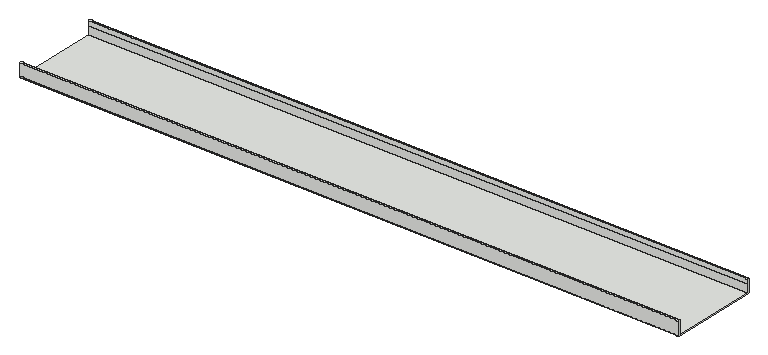
Revit family "PR836", category Mechanical Equipment, Revit 2018
Family settings
  Round Connector Dimension = Use Diameter
  Part Type = Normal
  OmniClass Number = 23.75.00.00
  OmniClass Title = Climate Control (HVAC)
  Work Plane-Based = No
  Always vertical = Yes
  Cut with Voids When Loaded = No
  Shared = No
  Room Calculation Point = No
Parameters (values of type "ISOLAMIN PR836 flashing")
  URL = "http://www.isolamin.se/"
  Thickness = "0.7 mm (Different thicknesses are available on request) \r\n0.7 mm (Different thicknesses are available on request) \r\n0.7 mm (Different thicknesses are available on request)"
  Profile Length = 1180 mm
  Model = "PR836"
  Material = "Galvanized Steel"
  Manufacturer = "ISOLAMIN AB"
  Edition = "1.0 (2018)"
Reference planes
  plane 1 "Center (Front/Back)": y = 0
  plane 2: z = 0
  plane 3 "Center (Left/Right)": x = 0
  plane 4: y = -1284.913
  plane 5: x = 1180
Forms (mm)
  Extrusion 1, solid, material "ISOLAMIN Surface Profile Material"
    sketch origin (0, 0, 0) x (0, 1, 0) y (0, 0, 1)
      loop
        line (-2, 15.7) -> (-1, 15.7) -> (-1, 1) -> (-154, 1) -> (-154, 15.7) -> (-153, 15.7) -> (-153, 24.256)
        arc (-153, 24.256) -> (-154, 25) -> (-155, 24.256) r 1.044
        line (-155, 24.256) -> (-155, 1)
        arc (-155, 1) -> (-154.707, 0.293) -> (-154, 0) r 1
        line (-154, 0) -> (-1, 0)
        arc (-1, 0) -> (-0.293, 0.293) -> (0, 1) r 1
        line (0, 1) -> (0, 24.256)
        arc (0, 24.256) -> (-1, 25) -> (-2, 24.256) r 1.044
        line (-2, 24.256) -> (-2, 15.7)
    from 0 to 1180
Dimensions and locks
  "Profile Length": plane 3 "Center (Left/Right)" to plane 5
  aligned and locked: level to plane 2
  aligned and locked: plane 5 to Extrusion 1
Automatic sketch dimensions
  Extrusion 1 sketch curve to level = 0 mm
  Extrusion 1 sketch curve to plane 1 "Center (Front/Back)" = 0 mm
  plane 1 "Center (Front/Back)" to Extrusion 1 sketch curve = 1 mm  (x3)
  Extrusion 1 sketch curve to Extrusion 1 sketch curve = 1 mm  (x3)
  level to Extrusion 1 sketch curve = 15.7 mm
  Extrusion 1 sketch curve to Extrusion 1 sketch curve = 151 mm
  Extrusion 1 sketch curve to Extrusion 1 sketch curve = 0 mm  (x2)
  level to Extrusion 1 sketch curve = 1 mm
  Extrusion 1 sketch curve to Extrusion 1 sketch curve = 14.7 mm
  Extrusion 1 sketch curve to Extrusion 1 sketch curve = 8.256 mm  (x2)
  Extrusion 1 sketch curve to Extrusion 1 sketch curve = 0.3 mm  (x2)
